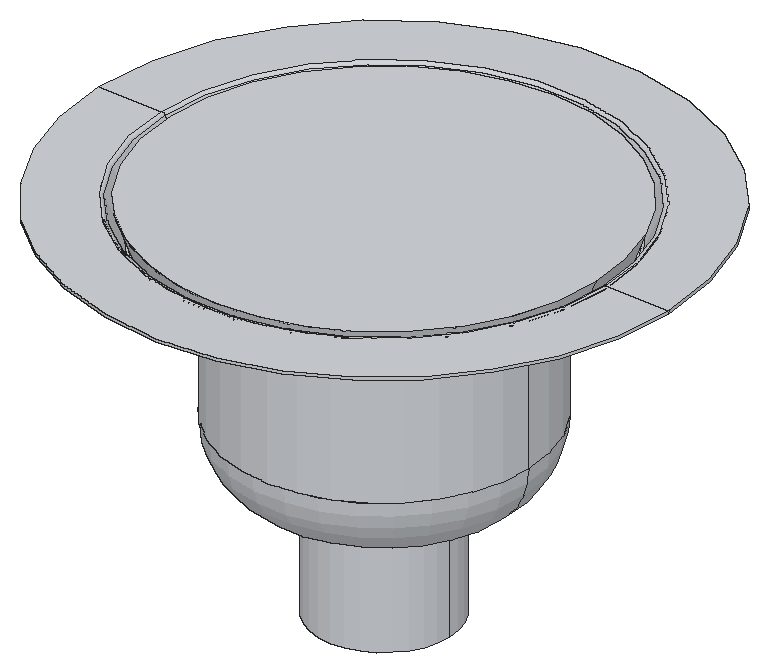
Revit family "S-598_Vertical", category Plumbing Fixtures, Revit 2015
Parameters (values of type "S-598_Vertical_ABS White")
  WFU = 1
  URL = "http://www.jimten.com/en/producto/331/sumidero-para-suelo-vinilico-salida-vertical"
  Total Minimum Height = "110 mm"  # constant formula
  Size = "Ø160 mm"  # constant formula
  Reference = "12451"  # constant formula
  Outlet = "50M/110M"  # constant formula
  Model = "S-598"  # constant formula
  Material = ABS (White)
  Manufacturer = "Jimten"  # constant formula
  Hidraulic seal = "50 mm"  # constant formula
  Grid = ABS (White)
  Flowrate = 0.9 L/s  # constant formula
  Diameter = 50 mm  # constant formula
  Description = "VINYL FLOOR GULLY, REMOVABLE TRAP, WITH HAIR FILTER, VERTICAL OUTLET, WITH ROUND COVER, VANDAL SAFE, PLASTIC"  # constant formula
  Type Comments = "WITH PRESSING RING FOR VINYL WATERPROOFING MEMBRANES. WITH PROTECTION COVER "  # constant formula
  Clase carga = "K3"  # constant formula
Reference planes
  plane 1 "Center (Front/Back)": y = 0
  plane 2: z = 0
  plane 3 "Center (Left/Right)": x = 0
Dimensions and locks
  aligned and locked: level to plane 2
Nested families
  nested 1: "S-598-Grid" at (0, 0, 0), type "S-598-Grid"
  nested 2: "S-598-OutletVertical" at (0, 0, 0), type "S-598-OutletVertical"
Connectors
  piping at (0, 0, -140), diameter 50, driven by "WFU", driven by "Diameter", driven by "Flowrate"
    settings: on nested 2, index 1, connector inside diameter 609.6 mm, connector length 0 mm, flow factor 0, pipe flow 0.9 L/s, pressure drop 0.0 Pa, fitting loss kfactor 0, connector angle 0.00°, fixture units 1, engagement length 0 mm, angle of deflection 0.00°, flow configuration 0, flow direction 2, fitting loss method 0, system type 16, joint type 0, gender type 0, connector reference index -1, connector utility 0, adjustable connector yes, is connector primary yes, connector description ""
Definition of nested family "S-598-Grid"
  Parameters (values of type "S-598-Rejilla")
    Materia_Rejilla = none
  Reference planes
    plane 1 "Center (Front/Back)": y = 0
    plane 2: z = 0
    plane 3 "Center (Left/Right)": x = 0
    plane 4: z = -15
    plane 5 "DetalleRejilla": z = 1
  Forms (mm)
    Blend 1, solid
      base sketch origin (-125.198, -1524, -15) x (-1, 0, 0) y (0, -1, 0)
        loop
          circle (-125.198, -1524) r 75
      top sketch origin (-125.198, -1524, -15) x (-1, 0, 0) y (0, -1, 0)
        loop
          circle (-125.198, -1524) r 80.5
      from 0 to 15
  Lines and regions (mm)
    model lines, detail levels medium+fine
      curve 1: arc (-73.5, -14.925, 1) -> (0.019, -75, 1) -> (73.508, -14.888, 1) r 75
      curve 2: arc (73.508, 14.888, 1) -> (0.019, 75, 1) -> (-73.5, 14.925, 1) r 75
      curve 3: arc (73.508, 14.888, 1) -> (64.052, 0, 1) -> (73.508, -14.888, 1) r 16.448
      curve 4: arc (-73.5, -14.925, 1) -> (-64.015, 0, 1) -> (-73.5, 14.925, 1) r 16.485
      curve 5: circle (0, 0, 1) r 80.5 normal (0, 0, 1)
  Dimensions and locks
    plane 4 to plane 2 = 15 mm
    plane 5 "DetalleRejilla" to plane 2 = 1 mm
    aligned and locked: level to plane 2
    aligned and locked: level to Blend 1
Definition of nested family "S-598-OutletVertical"
  Parameters (values of type "S-599-OutletVertical")
    MaterialOutlet = none
  Reference planes
    plane 1 "Center (Front/Back)": y = 0
    plane 2: z = 0
    plane 3 "Center (Left/Right)": x = 0
    plane 4: z = -100
    plane 5: z = -140
  Forms (mm)
    Revolve 1, solid
      sketch origin (0, 0, 0) x (1, 0, 0) y (0, 0, 1)
        loop
          arc (55, -16.606) -> (55.293, -15.899) -> (56, -15.606) r 1
          line (56, -15.606) -> (76.629, -15.606)
          arc (76.629, -15.606) -> (77.434, -15.366) -> (77.976, -14.724) r 1.469
          line (77.976, -14.724) -> (83.69, -1.601)
          arc (83.69, -1.601) -> (84.059, -1.164) -> (84.607, -1) r 1
          line (84.607, -1) -> (108, -1) -> (108, 0) -> (84.31, 0)
          arc (84.31, 0) -> (83.489, -0.245) -> (82.936, -0.899) r 1.5
          line (82.936, -0.899) -> (77.198, -14.007)
          arc (77.198, -14.007) -> (76.829, -14.443) -> (76.282, -14.606) r 1
          line (76.282, -14.606) -> (56, -14.606)
          arc (56, -14.606) -> (54.586, -15.192) -> (54, -16.606) r 2
          line (54, -16.606) -> (54, -72.536)
          arc (54, -72.536) -> (48.454, -88.237) -> (34.278, -96.973) r 25
          line (34.278, -96.973) -> (24.893, -99) -> (24, -99) -> (24, -100) -> (25, -100) -> (34.489, -97.95)
          arc (34.489, -97.95) -> (49.233, -88.865) -> (55, -72.536) r 26
          line (55, -72.536) -> (55, -16.606)
        axis (0, 0) -> (0, -100)
      angle from 0 to 360
    Revolve 2, solid
      sketch origin (-6.656, -0.453, 0) x (1, 0, 0) y (0, 0, 1)
        loop
          line (75.98, -18) -> (75.98, -10.167) -> (73.872, -15.009)
          arc (73.872, -15.009) -> (73.503, -15.446) -> (72.955, -15.609) r 1
          line (72.955, -15.609) -> (61.5, -15.609)
          arc (61.5, -15.609) -> (60.793, -15.902) -> (60.5, -16.609) r 1
          line (60.5, -16.609) -> (60.5, -28) -> (65.98, -28)
          arc (65.98, -28) -> (73.051, -25.071) -> (75.98, -18) r 10
        axis (0, -10.167) -> (0, -28)
      angle from 0 to 7
    Revolve 3, solid
      sketch origin (0.453, -6.656, 0) x (0, 1, 0) y (0, 0, 1)
        loop
          line (75.98, -18) -> (75.98, -10.167) -> (73.872, -15.009)
          arc (73.872, -15.009) -> (73.503, -15.446) -> (72.955, -15.609) r 1
          line (72.955, -15.609) -> (61.5, -15.609)
          arc (61.5, -15.609) -> (60.793, -15.902) -> (60.5, -16.609) r 1
          line (60.5, -16.609) -> (60.5, -28) -> (65.98, -28)
          arc (65.98, -28) -> (73.051, -25.071) -> (75.98, -18) r 10
        axis (0, -10.167) -> (0, -28)
      angle from 0 to 7
    Revolve 4, solid
      sketch origin (6.656, 0.453, 0) x (-1, 0, 0) y (0, 0, 1)
        loop
          line (75.98, -18) -> (75.98, -10.167) -> (73.872, -15.009)
          arc (73.872, -15.009) -> (73.503, -15.446) -> (72.955, -15.609) r 1
          line (72.955, -15.609) -> (61.5, -15.609)
          arc (61.5, -15.609) -> (60.793, -15.902) -> (60.5, -16.609) r 1
          line (60.5, -16.609) -> (60.5, -28) -> (65.98, -28)
          arc (65.98, -28) -> (73.051, -25.071) -> (75.98, -18) r 10
        axis (0, -10.167) -> (0, -28)
      angle from 0 to 7
    Revolve 5, solid
      sketch origin (-0.453, 6.656, 0) x (0, -1, 0) y (0, 0, 1)
        loop
          line (75.98, -18) -> (75.98, -10.167) -> (73.872, -15.009)
          arc (73.872, -15.009) -> (73.503, -15.446) -> (72.955, -15.609) r 1
          line (72.955, -15.609) -> (61.5, -15.609)
          arc (61.5, -15.609) -> (60.793, -15.902) -> (60.5, -16.609) r 1
          line (60.5, -16.609) -> (60.5, -28) -> (65.98, -28)
          arc (65.98, -28) -> (73.051, -25.071) -> (75.98, -18) r 10
        axis (0, -10.167) -> (0, -28)
      angle from 0 to 7
    Extrusion 6, solid
      sketch origin (-696.277, -1524, -100) x (-1, 0, 0) y (0, -1, 0)
        loop
          circle (-696.277, -1524) r 25
        loop
          circle (-696.277, -1524) r 24
      from 0 to -40
  Dimensions and locks
    level to plane 4 = 100 mm
    plane 4 to plane 5 = 40 mm
    diameter of Extrusion 6 sketch curve = 50 mm
    aligned and locked: level to plane 2
    aligned and locked: Extrusion 6 to plane 5
